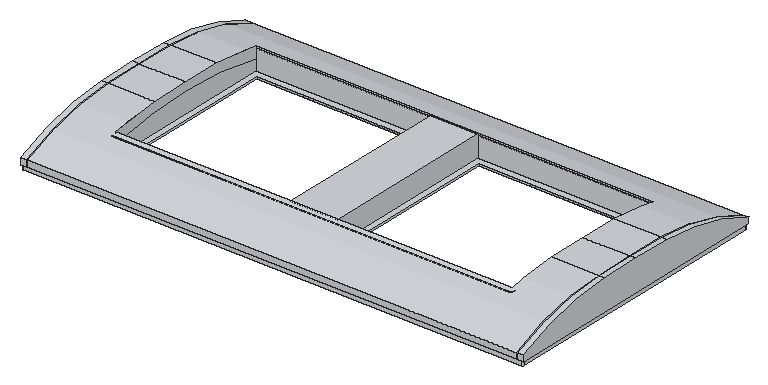
Revit family "Gira_0212723", category Electrical Fixtures, host Face, Revit 2017
Family settings
  Host = Face
  Maintain Annotation Orientation = No
  Round Connector Dimension = Use Diameter
  Part Type = Normal
  Cut with Voids When Loaded = No
  Shared = No
  Room Calculation Point = No
Parameters (values of type "Cov.fr. 2-g interm.fr. PW Gira Event Clear white")
  URL = "http://katalog.gira.de/en/datenblatt.html?artikelnr=0212723"
  Transparent = "No"
  Name = "Cov.fr. 2-g interm.fr. PW Gira Event Clear white"
  Manufacturer URL = "https://www.gira.de/"
  Manufacturer = "Gira"
  Label space/information surface = "No"
  Keynote = ""
  HeinzeBIM = "https://bimportal.heinze.de/bim/cov-fr-2-g-interm-fr-pw-gira-event-clear-white/7d542c103634d0174596c802cec49dde8ae156fe"
  HAN = "0212723"
  GTIN = "4010337068662"
  Description = "Cov.fr.2g i.fr.PW EvCl WH,Gira Event Clear cover frame,white with pure white glossy intermediate frame,2-gang,Features:,- Shatter-proof."
  Default Elevation = 1219.2 mm
  Data sheet (1) = "https://katalog.gira.de/en/download.html?artikelnr=0212723"
  Category = "Cover frame for domestic switching devices"
  BIM (1) = "https://media.stage.bim.site/public/gira/36a6b08/Event_Rahmen_2fach.rfa"
  Available = "No"
Reference planes
  plane 1 "Center (Front/Back)": y = 0
  plane 2: z = 0
  plane 3 "Center (Left/Right)": x = 0
Forms (mm)
  Extrusion 1, solid, detail levels fine
    sketch origin (0, 0, 0.05) x (0, 1, 0) y (0, 0, 1)
      loop
        arc (12.445, 9.683) -> (6.223, 9.833) -> (0, 9.85) r 291.636
        arc (0, 9.85) -> (-6.223, 9.833) -> (-12.445, 9.683) r 291.636
        arc (-12.445, 9.683) -> (-29.14, 7.482) -> (-45, 1.823) r 79.728
        line (-45, 1.823) -> (-45, -0.05) -> (-42.086, -0.05)
        arc (-42.086, -0.05) -> (-21.385, 5.559) -> (0, 7.206) r 114.424
        arc (0, 7.206) -> (21.385, 5.559) -> (42.086, -0.05) r 114.424
        line (42.086, -0.05) -> (45, -0.05) -> (45, 1.823)
        arc (45, 1.823) -> (29.14, 7.482) -> (12.445, 9.683) r 79.728
    from -78.55 to 78.55
  Extrusion 2, void, detail levels fine
    sketch origin (0, 0, 0) x (1, 0, 0) y (0, 1, 0)
      loop
        line (-63.55, -27.937) -> (63.55, -27.937) -> (63.55, 28.063) -> (-63.55, 28.063) -> (-63.55, -27.937)
    from 0.724 to 11
  Extrusion 3, solid, detail levels coarse
    sketch origin (0, 0, 0) x (1, 0, 0) y (0, 1, 0)
      loop
        line (-80.55, 45) -> (-80.55, -45) -> (80.55, -45) -> (80.55, 45) -> (-80.55, 45)
    from -1.5 to 9.9
  Extrusion 4, solid, detail levels medium
    sketch origin (0, 0, 0.05) x (0, 1, 0) y (0, 0, 1)
      loop
        arc (12.445, 9.683) -> (6.223, 9.833) -> (0, 9.85) r 291.636
        arc (0, 9.85) -> (-6.223, 9.833) -> (-12.445, 9.683) r 291.636
        arc (-12.445, 9.683) -> (-29.14, 7.482) -> (-45, 1.823) r 79.728
        line (-45, 1.823) -> (-45, -0.05) -> (45, -0.05) -> (45, 1.823)
        arc (45, 1.823) -> (29.14, 7.482) -> (12.445, 9.683) r 79.728
    from -80.55 to 80.55
  Extrusion 5, solid, detail levels fine
    sketch origin (-35.55, 0, -1.5) x (0, 1, 0) y (0, 0, -1)
      loop
        line (45, -3.373) -> (45, -1.5) -> (-45, -1.5) -> (-45, -3.373)
        arc (-45, -3.373) -> (-29.14, -9.032) -> (-12.445, -11.233) r 79.728
        arc (-12.445, -11.233) -> (-6.223, -11.383) -> (0, -11.4) r 291.636
        arc (0, -11.4) -> (6.223, -11.383) -> (12.445, -11.233) r 291.636
        arc (12.445, -11.233) -> (29.14, -9.032) -> (45, -3.373) r 79.728
    from 43 to 45
  Extrusion 6, solid, detail levels fine
    sketch origin (0, 0, 0) x (1, 0, 0) y (0, 1, 0)
      loop
        line (-61.45, 25.7) -> (-61.45, -25.7) -> (-9.65, -25.7) -> (-9.65, 25.7) -> (-61.45, 25.7)
      loop
        line (61.45, -25.7) -> (61.45, 25.7) -> (9.65, 25.7) -> (9.65, -25.7) -> (61.45, -25.7)
      loop
        line (-64.445, 28.49) -> (-64.445, -28.495)
        spline (-64.445, -28.495) -> (-64.436, -28.625) -> (-64.411, -28.754) -> (-64.369, -28.878) -> (-64.311, -28.995) -> (-64.238, -29.104) -> (-64.152, -29.202) -> (-64.054, -29.288) -> (-63.945, -29.361) -> (-63.828, -29.419) -> (-63.704, -29.461) -> (-63.575, -29.486) -> (-63.445, -29.495)
        line (-63.445, -29.495) -> (63.445, -29.495)
        spline (63.445, -29.495) -> (63.575, -29.486) -> (63.704, -29.461) -> (63.828, -29.419) -> (63.945, -29.361) -> (64.054, -29.288) -> (64.152, -29.202) -> (64.238, -29.104) -> (64.311, -28.995) -> (64.369, -28.878) -> (64.411, -28.754) -> (64.436, -28.625) -> (64.445, -28.495)
        line (64.445, -28.495) -> (64.445, 28.49)
        spline (64.445, 28.49) -> (64.436, 28.62) -> (64.411, 28.748) -> (64.369, 28.872) -> (64.311, 28.99) -> (64.238, 29.098) -> (64.152, 29.197) -> (64.054, 29.283) -> (63.945, 29.356) -> (63.828, 29.413) -> (63.704, 29.456) -> (63.575, 29.481) -> (63.445, 29.49)
        line (63.445, 29.49) -> (-63.445, 29.49)
        spline (-63.445, 29.49) -> (-63.575, 29.481) -> (-63.704, 29.456) -> (-63.828, 29.413) -> (-63.945, 29.356) -> (-64.054, 29.283) -> (-64.152, 29.197) -> (-64.238, 29.098) -> (-64.311, 28.99) -> (-64.369, 28.872) -> (-64.411, 28.748) -> (-64.436, 28.62) -> (-64.445, 28.49)
    from 0.1 to 7.3
  Extrusion 7, solid
    sketch origin (0, 0, 0) x (1, 0, 0) y (0, 1, 0)
      loop
        arc (-80.25, -44.2) -> (-80.104, -44.554) -> (-79.75, -44.7) r 0.5
        line (-79.75, -44.7) -> (79.75, -44.7)
        arc (79.75, -44.7) -> (80.104, -44.554) -> (80.25, -44.2) r 0.5
        line (80.25, -44.2) -> (80.25, 44.2)
        arc (80.25, 44.2) -> (80.104, 44.554) -> (79.75, 44.7) r 0.5
        line (79.75, 44.7) -> (-79.75, 44.7)
        arc (-79.75, 44.7) -> (-80.104, 44.554) -> (-80.25, 44.2) r 0.5
        line (-80.25, 44.2) -> (-80.25, -44.2)
      loop
        line (-78.55, 43) -> (-78.55, -43) -> (78.55, -43) -> (78.55, 43) -> (-78.55, 43)
    from -1.5 to 0.5
  Extrusion 8, solid, detail levels fine
    sketch origin (35.55, 0, -1.5) x (0, 1, 0) y (0, 0, 1)
      loop
        arc (45, 3.373) -> (29.14, 9.032) -> (12.445, 11.233) r 79.728
        arc (12.445, 11.233) -> (6.223, 11.383) -> (0, 11.4) r 291.636
        arc (0, 11.4) -> (-6.223, 11.383) -> (-12.445, 11.233) r 291.636
        arc (-12.445, 11.233) -> (-29.14, 9.032) -> (-45, 3.373) r 79.728
        line (-45, 3.373) -> (-45, 1.5) -> (45, 1.5) -> (45, 3.373)
    from 43 to 45
  Extrusion 9, solid, detail levels medium
    sketch origin (0, 0, 0) x (1, 0, 0) y (0, 1, 0)
      loop
        line (-80.25, -44.7) -> (80.25, -44.7) -> (80.25, 44.7) -> (-80.25, 44.7) -> (-80.25, -44.7)
    from -1.5 to 0.5
  Extrusion 10, solid, detail levels fine
    sketch origin (0, 0, 0) x (1, 0, 0) y (0, 1, 0)
      loop
        line (-7.55, 28.063) -> (-7.55, -27.937) -> (7.55, -27.937) -> (7.55, 28.063) -> (-7.55, 28.063)
    from 0.724 to 7.566
Cuts and joins
  Extrusion 2 cuts Extrusion 1
  Extrusion 2 cuts Extrusion 6
Dimensions and locks
  aligned and locked: plane 2 to host face
  aligned and locked: level to host face
